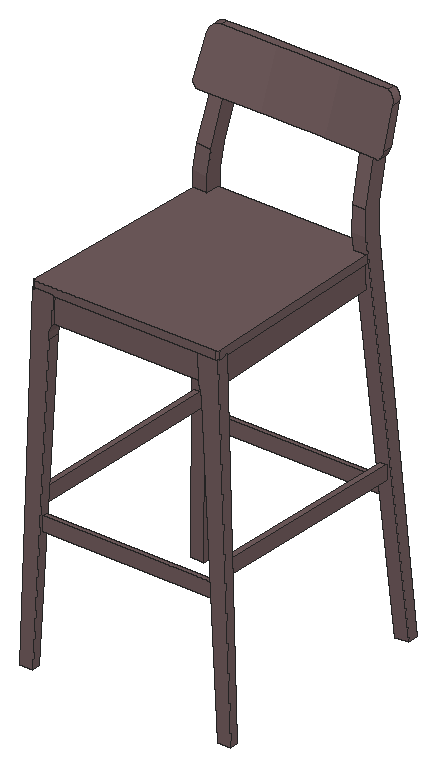
Revit family "FU_Stool_Sandler_Inga 4-2", category Furniture, Revit 2020
Family settings
  OmniClass Number = 23.40.20.00
  OmniClass Title = General Furniture and Specialties
  Work Plane-Based = No
  Always vertical = Yes
  Cut with Voids When Loaded = No
  Shared = No
  Room Calculation Point = No
Parameters (values of type "Inga 4.2")
  Width = 470 mm
  URL = "https://www.sandlerseating.com/product/inga-4-2/"
  Model = "Inga 4.2"
  Manufacturer = "Sandler"
  Height = 1065 mm
  Frame [instance] = Wood - Lacquer - Black Red RAL 3007
  Description = "Counter Stool with wooden seat and back on a solid beech frame.\r\nProduced to custom height per customer specification, from 23.5”-29” seat height"
  Depth = 515 mm
  Default Elevation = 0 mm
Reference planes
  plane 1 "Center (Front/Back)": y = 0
  plane 2: z = 0
  plane 3 "Center (Left/Right)": x = 0
  plane 4 "Right": x = -235
  plane 5 "Left": x = 235
  plane 6 "Back": y = 257.5
  plane 7 "Front": y = -257.5
  plane 8 "Height": z = 1065
  plane 9 "Seat height": z = 770
  plane 10 "BRL C Front": through (-223.656, -1524, 6.942) normal (-0.998, 0, 0.0629)
  plane 11 "Cross Stretch RIGHT": z = 319.276
Forms (mm)
  Extrusion 1, solid, material "Wood - Lacquer - Black Red RAL 3007" <- "Frame"
    sketch origin (-223.207, 0, 14.064) x (-0.062885, 0, -0.998021) y (0, -1, 0)
      loop
        line (14.088, -221.904) -> (-739.706, -170.353)
        arc (-739.706, -170.353) -> (-791.323, -166.38) -> (-842.719, -172.583) r 263.292
        arc (-842.719, -172.583) -> (-888.062, -184.609) -> (-932.278, -200.282) r 576.651
        line (-932.278, -200.282) -> (-1010.447, -234.651)
        arc (-1010.447, -234.651) -> (-1016.215, -251.155) -> (-999.349, -255.758) r 11.952
        arc (-999.349, -255.758) -> (-922.172, -228.309) -> (-842.736, -208.318) r 861.108
        arc (-842.736, -208.318) -> (-792.241, -202.51) -> (-741.487, -205.274) r 301.278
        line (-741.487, -205.274) -> (14.088, -243.812) -> (14.088, -221.904)
    from -14 to 16
  Extrusion 2, solid, material "Wood - Lacquer - Black Red RAL 3007" <- "Frame"
    sketch origin (0, -257.5, 0) x (-1, 0, 0) y (0, 0, 1)
      loop
        line (203.243, 755.337) -> (160.475, 755.337) -> (162.275, 692.965)
        arc (162.275, 692.965) -> (167.122, 678.906) -> (169.282, 664.193) r 79.948
        line (169.282, 664.193) -> (204.244, 0) -> (231.625, 0) -> (203.243, 755.337)
    from 0 to 26
  Extrusion 3, void
    sketch origin (0, 0, 0) x (0, 1, 0) y (0, 0, 1)
      loop
        line (-240.28, -7.462) -> (-228.255, -7.462) -> (-228.255, 770) -> (-231.331, 770) -> (-240.28, -7.462)
    from -235 to 235
  Extrusion 4, solid, material "Wood - Lacquer - Black Red RAL 3007" <- "Frame"
    sketch origin (0, -257.5, 0) x (1, 0, 0) y (0, 0, -1)
      loop
        line (203.243, -755.337) -> (231.625, 0) -> (204.244, 0) -> (169.282, -664.193)
        arc (169.282, -664.193) -> (167.122, -678.906) -> (162.275, -692.965) r 79.948
        line (162.275, -692.965) -> (160.475, -755.337) -> (203.243, -755.337)
    from 0 to 26
  Extrusion 5, solid, material "Wood - Lacquer - Black Red RAL 3007" <- "Frame"
    sketch origin (0, 0, 0) x (0, 1, 0) y (0, 0, 1)
      loop
        line (-251.611, 753.215) -> (-251.611, 695.417) -> (-237.611, 695.417) -> (-237.611, 753.215) -> (-251.611, 753.215)
      loop
        line (182.525, 753.215) -> (182.525, 695.417) -> (197.878, 695.417) -> (197.878, 753.215) -> (182.525, 753.215)
    from -172 to 172
  Extrusion 6, solid, material "Wood - Lacquer - Black Red RAL 3007" <- "Frame"
    sketch origin (0, 0, 770) x (-1, 0, 0) y (0, -1, 0)
      loop
        line (199.089, 233.696) -> (182.392, 233.696) -> (167.912, -178.326) -> (183.325, -178.326) -> (199.089, 233.696)
      loop
        line (-199.089, 233.696) -> (-183.325, -178.326) -> (-167.912, -178.326) -> (-182.392, 233.696) -> (-199.089, 233.696)
    from -73.647 to -16.784
  Sweep 7, solid, material "Wood - Lacquer - Black Red RAL 3007" <- "Frame"
    path origin (0, 15, 0) x (0, 1, 0) y (0, 0, 1)
      loop
        line (201.523, 926.004) -> (255.109, 1066.106)
    profile "Pro_Inga_Back : Pro_Inga_Back" origin (0, 243.316, 996.055) x (0, -0.934012, 0.357242) y (1, 0, 0)
      loop
        arc (30.116, 241.175) -> (0, -0.038) -> (30.717, -241.175) r 971.366
        line (30.717, -241.175) -> (45.91, -241.175)
        arc (45.91, -241.175) -> (14.46, 0.005) -> (45.984, 241.175) r 939.367
        line (45.984, 241.175) -> (30.116, 241.175)
  Extrusion 8, void
    sketch origin (0, 257.5, 0) x (-1, 0, 0) y (0, 0, 1)
      loop
        line (210.101, 969.86) -> (205.284, 1046.309)
        arc (205.284, 1046.309) -> (198.261, 1060.303) -> (183.308, 1064.949) r 20
        arc (183.308, 1064.949) -> (0, 1055.69) -> (-183.308, 1064.949) r 1819.098
        arc (-183.308, 1064.949) -> (-198.261, 1060.303) -> (-205.284, 1046.309) r 20
        line (-205.284, 1046.309) -> (-210.101, 969.86)
        arc (-210.101, 969.86) -> (-205.852, 957.072) -> (-193.916, 950.817) r 18
        arc (-193.916, 950.817) -> (0, 941.208) -> (193.916, 950.817) r 1961.668
        arc (193.916, 950.817) -> (205.852, 957.072) -> (210.101, 969.86) r 18
      loop
        line (252.572, 1093.889) -> (-257.428, 1093.889) -> (-257.428, 918.889) -> (252.572, 918.889) -> (252.572, 1093.889)
    from -91.038 to 16.635
  Extrusion 9, solid, material "Wood - Lacquer - Black Red RAL 3007" <- "Frame"
    sketch origin (223.207, 0, 14.064) x (0.062885, 0, -0.998021) y (0, 1, 0)
      loop
        line (14.088, 221.904) -> (14.088, 243.812) -> (-741.487, 205.274)
        arc (-741.487, 205.274) -> (-792.241, 202.51) -> (-842.736, 208.318) r 301.278
        arc (-842.736, 208.318) -> (-922.172, 228.309) -> (-999.349, 255.758) r 861.108
        arc (-999.349, 255.758) -> (-1016.215, 251.155) -> (-1010.447, 234.651) r 11.952
        line (-1010.447, 234.651) -> (-932.278, 200.282)
        arc (-932.278, 200.282) -> (-888.062, 184.609) -> (-842.719, 172.583) r 576.651
        arc (-842.719, 172.583) -> (-791.323, 166.38) -> (-739.706, 170.353) r 263.292
        line (-739.706, 170.353) -> (14.088, 221.904)
    from -14 to 16
  Extrusion 10, solid, material "Wood - Lacquer - Black Red RAL 3007" <- "Frame"
    sketch origin (0, 0, 0) x (0, 1, 0) y (0, 0, 1)
      loop
        line (-251.379, 308.04) -> (-251.379, 276.439) -> (-241.751, 276.439) -> (-241.751, 308.04) -> (-251.379, 308.04)
      loop
        line (212.749, 308.04) -> (212.749, 276.439) -> (223.249, 276.439) -> (223.249, 308.04) -> (212.749, 308.04)
    from -205.963 to 206
  Sweep 11, solid, material "Wood - Lacquer - Black Red RAL 3007" <- "Frame"
    path origin (0, 0, 319.276) x (0, -1, 0) y (1, 0, 0)
      loop
        line (241.267, -201.776) -> (-208.724, -204.634)
    profile origin (-203.205, -16.272, 319.276) x (-0.99998, -0.006352, 0) y (0, 0, 1)
      loop
        line (6, 0) -> (6, 32.028) -> (-6, 32.028) -> (-6, 0) -> (6, 0)
  Sweep 12, solid, material "Wood - Lacquer - Black Red RAL 3007" <- "Frame"
    path origin (0, 0, 319.276) x (0, -1, 0) y (-1, 0, 0)
      loop
        line (241.267, -201.776) -> (-208.724, -204.634)
    profile origin (203.205, -16.272, 319.276) x (-0.99998, 0.006352, 0) y (0, 0, 1)
      loop
        line (-6, 0) -> (6, 0) -> (6, 32.028) -> (-6, 32.028) -> (-6, 0)
  Extrusion 13, solid, material "Wood - Lacquer - Black Red RAL 3007" <- "Frame"
    sketch origin (0, 0, 770) x (-1, 0, 0) y (0, -1, 0)
      loop
        line (198.707, 257.5) -> (-198.707, 257.5)
        arc (-198.707, 257.5) -> (-202.298, 255.979) -> (-203.705, 252.341) r 5
        line (-203.705, 252.341) -> (-189.541, -193.835)
        arc (-189.541, -193.835) -> (-188.023, -197.268) -> (-184.544, -198.676) r 5
        line (-184.544, -198.676) -> (184.544, -198.676)
        arc (184.544, -198.676) -> (188.023, -197.268) -> (189.541, -193.835) r 5
        line (189.541, -193.835) -> (203.705, 252.341)
        arc (203.705, 252.341) -> (202.298, 255.979) -> (198.707, 257.5) r 5
    from 0 to -17
Cuts and joins
  Extrusion 3 cuts Extrusion 2
  Extrusion 3 cuts Extrusion 4
  Extrusion 8 cuts Sweep 7
Lines and regions (mm)
  reference lines
    curve 1: line (-207.78, -238.806, 319.276) -> (-195.802, -238.806, 319.276)
    curve 2: line (-210.705, 206.263, 319.276) -> (-198.532, 206.263, 319.276)
Dimensions and locks
  equal spacing: plane 4 "Right", plane 3 "Center (Left/Right)", plane 5 "Left"
  "Width": plane 4 "Right" to plane 5 "Left"
  equal spacing: plane 6 "Back", plane 1 "Center (Front/Back)", plane 7 "Front"
  "Depth": plane 6 "Back" to plane 7 "Front"
  "Height": plane 8 "Height" to level
  plane 9 "Seat height" to level = 770 mm
  aligned and locked: level to plane 2
Automatic sketch dimensions
  Extrusion 1 sketch curve to plane 6 "Back" = 22.849 mm
  Extrusion 1 sketch curve to Extrusion 1 sketch curve = 4.811 mm
  Extrusion 1 sketch curve to plane 6 "Back" = 57.218 mm
  Extrusion 1 sketch curve to Extrusion 1 sketch curve = 78.169 mm
  Extrusion 1 sketch curve to Extrusion 1 sketch curve = 146.651 mm
  Extrusion 1 sketch curve to Extrusion 1 sketch curve = 2.439 mm
  Extrusion 1 sketch curve to plane 6 "Back" = 52.226 mm
  Extrusion 1 sketch curve to Extrusion 1 sketch curve = 190.79 mm
  Extrusion 1 sketch curve to plane 6 "Back" = 87.147 mm
  Extrusion 1 sketch curve to Extrusion 1 sketch curve = 1.781 mm
  Extrusion 1 sketch curve to Extrusion 1 sketch curve = 65.51 mm
  Extrusion 1 sketch curve to Extrusion 1 sketch curve = 45.143 mm
  Extrusion 1 sketch curve to plane 6 "Back" = 13.688 mm
  Extrusion 1 sketch curve to Extrusion 1 sketch curve = 755.576 mm
  Extrusion 1 sketch curve to plane 6 "Back" = 11.907 mm
  plane 6 "Back" to Extrusion 1 sketch curve = 172.11 mm
  Extrusion 1 sketch curve to Extrusion 1 sketch curve = 74.042 mm
  Extrusion 1 sketch curve to Extrusion 1 sketch curve = 231.862 mm
  Extrusion 1 sketch curve to Extrusion 1 sketch curve = 316.924 mm
  Extrusion 1 sketch curve to Extrusion 1 sketch curve = 21.909 mm
  Extrusion 1 sketch curve to plane 6 "Back" = 1.742 mm
  Extrusion 2 sketch curve to level = 0 mm
  Extrusion 2 sketch curve to plane 3 "Center (Left/Right)" = 89.445 mm
  Extrusion 2 sketch curve to plane 9 "Seat height" = 14.663 mm
  Extrusion 2 sketch curve to plane 4 "Right" = 74.525 mm
  Extrusion 2 sketch curve to Extrusion 2 sketch curve = 1.801 mm
  Extrusion 2 sketch curve to Extrusion 2 sketch curve = 7.006 mm
  Extrusion 2 sketch curve to plane 4 "Right" = 31.757 mm
  Extrusion 2 sketch curve to plane 4 "Right" = 30.756 mm
  Extrusion 2 sketch curve to plane 4 "Right" = 3.375 mm
  Extrusion 2 sketch curve to plane 9 "Seat height" = 110.01 mm
  Extrusion 2 sketch curve to Extrusion 2 sketch curve = 4.203 mm
  Extrusion 3 sketch curve to plane 9 "Seat height" = 0 mm
  Extrusion 3 sketch curve to level = 7.462 mm
  plane 7 "Front" to Extrusion 3 sketch curve = 17.22 mm
  plane 7 "Front" to Extrusion 3 sketch curve = 26.169 mm
  Extrusion 3 sketch curve to Extrusion 3 sketch curve = 3.077 mm
  Extrusion 4 sketch curve to level = 0 mm
  Extrusion 4 sketch curve to plane 3 "Center (Left/Right)" = 89.445 mm
  plane 9 "Seat height" to Extrusion 4 sketch curve = 14.663 mm
  Extrusion 4 sketch curve to plane 5 "Left" = 74.525 mm
  Extrusion 4 sketch curve to Extrusion 4 sketch curve = 1.801 mm
  Extrusion 4 sketch curve to Extrusion 4 sketch curve = 7.006 mm
  Extrusion 4 sketch curve to plane 5 "Left" = 31.757 mm
  Extrusion 4 sketch curve to plane 5 "Left" = 30.756 mm
  Extrusion 4 sketch curve to plane 5 "Left" = 3.375 mm
  plane 9 "Seat height" to Extrusion 4 sketch curve = 110.01 mm
  Extrusion 4 sketch curve to Extrusion 4 sketch curve = 4.203 mm
  plane 7 "Front" to Extrusion 5 sketch curve = 5.889 mm
  Extrusion 5 sketch curve to Extrusion 5 sketch curve = 14 mm
  Extrusion 5 sketch curve to plane 9 "Seat height" = 16.785 mm  (x2)
  Extrusion 5 sketch curve to plane 6 "Back" = 74.975 mm
  Extrusion 5 sketch curve to Extrusion 5 sketch curve = 15.353 mm
  Extrusion 5 sketch curve to Extrusion 5 sketch curve = 57.798 mm
  Extrusion 5 sketch curve to plane 9 "Seat height" = 74.583 mm
  plane 5 "Left" to Extrusion 6 sketch curve = 35.911 mm
  plane 5 "Left" to Extrusion 6 sketch curve = 51.675 mm
  plane 7 "Front" to Extrusion 6 sketch curve = 23.804 mm  (x2)
  Extrusion 6 sketch curve to Extrusion 6 sketch curve = 16.697 mm  (x2)
  Extrusion 6 sketch curve to Extrusion 6 sketch curve = 15.414 mm  (x2)
  Extrusion 6 sketch curve to plane 4 "Right" = 67.088 mm
  Extrusion 6 sketch curve to plane 4 "Right" = 52.608 mm
  Extrusion 6 sketch curve to plane 6 "Back" = 79.174 mm  (x2)
  Sweep 7 sketch curve to plane 6 "Back" = 40.977 mm
  Sweep 7 sketch curve to plane 8 "Height" = 138.996 mm
  plane 8 "Height" to Sweep 7 sketch curve = 1.106 mm
  plane 6 "Back" to Sweep 7 sketch curve = 12.609 mm
  plane 3 "Center (Left/Right)" to Extrusion 8 sketch curve = 0 mm  (x2)
  Extrusion 8 sketch curve to plane 8 "Height" = 19.949 mm  (x2)
  plane 5 "Left" to Extrusion 8 sketch curve = 49.676 mm
  plane 5 "Left" to Extrusion 8 sketch curve = 42.863 mm
  Extrusion 8 sketch curve to Extrusion 8 sketch curve = 19.96 mm  (x2)
  Extrusion 8 sketch curve to Extrusion 8 sketch curve = 17.964 mm  (x2)
  Extrusion 8 sketch curve to plane 5 "Left" = 22.428 mm
  Extrusion 8 sketch curve to plane 4 "Right" = 49.676 mm
  Extrusion 8 sketch curve to plane 4 "Right" = 42.863 mm
  plane 4 "Right" to Extrusion 8 sketch curve = 17.572 mm
  Extrusion 8 sketch curve to Extrusion 8 sketch curve = 75.191 mm  (x2)
  Extrusion 8 sketch curve to Extrusion 8 sketch curve = 1.132 mm  (x2)
  Extrusion 8 sketch curve to Extrusion 8 sketch curve = 50.971 mm
  Extrusion 8 sketch curve to plane 8 "Height" = 18.691 mm  (x2)
  plane 8 "Height" to Extrusion 8 sketch curve = 28.889 mm
  Extrusion 8 sketch curve to Extrusion 8 sketch curve = 1780.898 mm
  Extrusion 8 sketch curve to Extrusion 8 sketch curve = 28.089 mm
  Extrusion 8 sketch curve to Extrusion 8 sketch curve = 0 mm  (x2)
  Extrusion 9 sketch curve to plane 6 "Back" = 22.849 mm
  Extrusion 9 sketch curve to Extrusion 9 sketch curve = 4.811 mm
  Extrusion 9 sketch curve to plane 6 "Back" = 57.218 mm
  Extrusion 9 sketch curve to Extrusion 9 sketch curve = 78.169 mm
  Extrusion 9 sketch curve to Extrusion 9 sketch curve = 146.651 mm
  Extrusion 9 sketch curve to Extrusion 9 sketch curve = 2.439 mm
  Extrusion 9 sketch curve to plane 6 "Back" = 52.226 mm
  Extrusion 9 sketch curve to Extrusion 9 sketch curve = 190.79 mm
  Extrusion 9 sketch curve to plane 6 "Back" = 87.147 mm
  Extrusion 9 sketch curve to Extrusion 9 sketch curve = 1.781 mm
  Extrusion 9 sketch curve to Extrusion 9 sketch curve = 65.51 mm
  Extrusion 9 sketch curve to Extrusion 9 sketch curve = 45.143 mm
  Extrusion 9 sketch curve to plane 6 "Back" = 13.688 mm
  Extrusion 9 sketch curve to Extrusion 9 sketch curve = 755.576 mm
  Extrusion 9 sketch curve to Extrusion 9 sketch curve = 21.909 mm
  Extrusion 9 sketch curve to plane 6 "Back" = 11.907 mm
  plane 6 "Back" to Extrusion 9 sketch curve = 172.11 mm
  Extrusion 9 sketch curve to Extrusion 9 sketch curve = 74.042 mm
  Extrusion 9 sketch curve to Extrusion 9 sketch curve = 231.862 mm
  Extrusion 9 sketch curve to Extrusion 9 sketch curve = 316.924 mm
  Extrusion 9 sketch curve to plane 6 "Back" = 1.742 mm
  plane 7 "Front" to Extrusion 10 sketch curve = 6.121 mm
  Extrusion 10 sketch curve to Extrusion 10 sketch curve = 9.627 mm
  Extrusion 10 sketch curve to plane 11 "Cross Stretch RIGHT" = 11.235 mm  (x2)
  Extrusion 10 sketch curve to plane 6 "Back" = 44.751 mm
  Extrusion 10 sketch curve to Extrusion 10 sketch curve = 10.5 mm
  Extrusion 10 sketch curve to Extrusion 10 sketch curve = 31.601 mm
  Extrusion 10 sketch curve to plane 11 "Cross Stretch RIGHT" = 42.837 mm
  curve 2 to plane 4 "Right" = 24.295 mm
  curve 2 to plane 6 "Back" = 51.237 mm
  plane 7 "Front" to curve 1 = 18.694 mm
  curve 1 to plane 4 "Right" = 27.22 mm
  curve 2 to curve 2 = 12.174 mm
  curve 1 to curve 1 = 11.978 mm
  Sweep 11 sketch curve to plane 6 "Back" = 48.776 mm
  Sweep 11 sketch curve to plane 4 "Right" = 30.366 mm
  plane 7 "Front" to Sweep 11 sketch curve = 16.233 mm
  Sweep 11 sketch curve to plane 4 "Right" = 33.224 mm
  plane 11 "Cross Stretch RIGHT" to Sweep 11 sketch curve = 0 mm
  profile plane to Sweep 11 sketch curve = 6 mm
  Sweep 11 sketch curve to profile plane = 6 mm
  plane 11 "Cross Stretch RIGHT" to Sweep 11 sketch curve = 32.028 mm
  plane 6 "Back" to Sweep 12 sketch curve = 48.776 mm
  Sweep 12 sketch curve to plane 5 "Left" = 30.366 mm
  Sweep 12 sketch curve to plane 7 "Front" = 16.233 mm
  Sweep 12 sketch curve to plane 5 "Left" = 33.224 mm
  plane 11 "Cross Stretch RIGHT" to Sweep 12 sketch curve = 0 mm
  profile plane to Sweep 12 sketch curve = 6 mm
  Sweep 12 sketch curve to profile plane = 6 mm
  plane 11 "Cross Stretch RIGHT" to Sweep 12 sketch curve = 32.028 mm
  Extrusion 13 sketch curve to plane 7 "Front" = 0 mm
  plane 7 "Front" to Extrusion 13 sketch curve = 5.159 mm  (x2)
  plane 5 "Left" to Extrusion 13 sketch curve = 31.295 mm
  Extrusion 13 sketch curve to Extrusion 13 sketch curve = 4.997 mm  (x4)
  plane 5 "Left" to Extrusion 13 sketch curve = 45.459 mm
  Extrusion 13 sketch curve to plane 4 "Right" = 50.456 mm
  Extrusion 13 sketch curve to plane 4 "Right" = 36.293 mm
  Extrusion 13 sketch curve to plane 6 "Back" = 63.824 mm
  Extrusion 13 sketch curve to plane 1 "Center (Front/Back)" = 193.676 mm
  Extrusion 13 sketch curve to Extrusion 13 sketch curve = 0.159 mm
